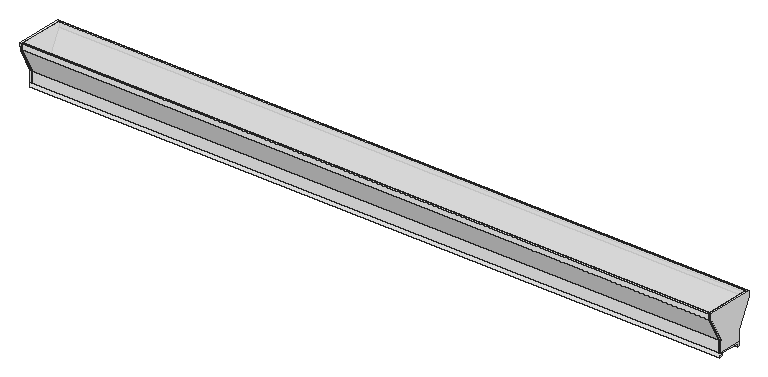
Revit family "Zumtobel TECTON MPO LED", category Lighting Fixtures, Revit 2014
Parameters (values of type "TECTON MPO LED5500-840 L1500")
  Width = 97 mm  # constant formula
  Wattage = 37.0266 W
  Voltage = 230 V  # constant formula
  URL = "http://www.zumtobel.com/42184102"
  built-in parameter 1150110 = 1 (stored number, unit not read)
  Emit from Rectangle Width = Length - 6 mm  # 1516 mm
  Emit from Rectangle Length = 98 mm  # constant formula
  Emit Shape Visible in Rendering = no
  Default Elevation = 0 mm
  Cover = Zumtobel_Lamp_Self_llumination_Opaque
  Body = Zumtobel_Metal_White
  Apparent Load = 41 VA
  Model = "42184102"
  built-in parameter 1114217 = 1 (stored number, unit not read)
  Tilt Angle = 90.00°
  built-in parameter 1150109 = 1 (stored number, unit not read)
  built-in parameter 1150134 = 12
  built-in parameter 1150113 = 1 (stored number, unit not read)
  Length = 1522 mm  # constant formula
  Lamp = "LED"
  Wattage Comments = "230"
  Manufacturer = "Zumtobel Ligthing"  # constant formula
  Photometric Web File = "42184102_(STD_LEO).IES"
  built-in parameter 1150105 = 437.68 (stored number, unit not read)
  Lumens = 5500 lm
  built-in parameter 1150115 = 1 (stored number, unit not read)
  built-in parameter 1150137 = (empty or 0)
  built-in parameter 1150139 = (empty or 0)
  built-in parameter 1150112 = 1 (stored number, unit not read)
  built-in parameter 1150114 = 1 (stored number, unit not read)
  built-in parameter 1150132 = 2
  Description = "Single luminaire"  # constant formula
  Assembly Code = ""
  built-in parameter 1150102 = (empty or 0)
  built-in parameter 1150107 = 4000 (stored number, unit not read)
  built-in parameter 1150138 = (empty or 0)
  built-in parameter 1150106 = 4.3768 (stored number, unit not read)
  built-in parameter 1150104 = 13.8 (stored number, unit not read)
  Dimming Lamp Color Temperature Shift = <None>
  Color Filter = 16777215
  built-in parameter 1114218 = 1 (stored number, unit not read)
  built-in parameter 1150133 = 10 (stored number, unit not read)
Reference planes
  plane 1 "Light Source Axis (F/B)": y = -218.644
  plane 2: z = 0
  plane 3 "Light Source Axis (L/R)": x = -74.924
  plane 4 "Light Source Elevation": z = -97.078
  plane 5 "Bottom": z = 0
  plane 6 "Left": x = -835.924
  plane 7 "Right": x = 686.076
  plane 8 "Lamp Left": x = -832.924
  plane 9 "Lamp Right": x = 683.076
  plane 10: z = 97.078
Forms (mm)
  Extrusion 1, solid, material "Zumtobel_Metal_White" <- "Body"
    sketch origin (-74.924, 0, 0) x (0, 1, 0) y (0, 0, 1)
      loop
        line (-193.644, 8.078) -> (-243.644, 8.078) -> (-245.769, 0) -> (-240.454, 0) -> (-240.454, 6.078) -> (-196.834, 6.078) -> (-196.834, 0) -> (-191.518, 0) -> (-193.644, 8.078)
    from -761 to 761
  Extrusion 2, solid, material "Zumtobel_Metal_White" <- "Body"
    sketch origin (-835.924, 0, 0) x (0, 0, -1) y (0, 1, 0)
      loop
        line (-8.078, -193.644) -> (-32.078, -193.644) -> (-84.578, -166.644) -> (-97.078, -166.644) -> (-97.078, -270.644) -> (-84.578, -270.644) -> (-32.078, -243.644) -> (-8.078, -243.644) -> (-8.078, -193.644)
    from 0 to 3
  Extrusion 3, solid, material "Zumtobel_Metal_White" <- "Body"
    sketch origin (-74.924, 0, 0) x (0, 1, 0) y (0, 0, 1)
      loop
        line (-193.644, 8.078) -> (-193.644, 32.078) -> (-166.644, 84.578) -> (-166.644, 97.078) -> (-169.644, 97.078) -> (-169.644, 85.304) -> (-196.644, 32.804) -> (-196.644, 11.078) -> (-240.644, 11.078) -> (-240.644, 32.804) -> (-267.644, 85.304) -> (-267.644, 97.078) -> (-270.644, 97.078) -> (-270.644, 84.578) -> (-243.644, 32.078) -> (-243.644, 8.078) -> (-193.644, 8.078)
    from -758 to 758
  Extrusion 4, solid, material "Zumtobel_Lamp_Self_llumination_Opaque" <- "Cover"
    sketch origin (-74.924, -3, 0) x (0, 1, 0) y (0, 0, 1)
      loop
        line (-166.644, 94.078) -> (-166.644, 97.078) -> (-264.644, 97.078) -> (-264.644, 94.078) -> (-166.644, 94.078)
    from -758 to 758
  Extrusion 5, solid, material "Zumtobel_Metal_White" <- "Body"
    sketch origin (686.076, 0, 0) x (0, 0, -1) y (0, 1, 0)
      loop
        line (-8.078, -193.644) -> (-32.078, -193.644) -> (-84.578, -166.644) -> (-97.078, -166.644) -> (-97.078, -270.644) -> (-84.578, -270.644) -> (-32.078, -243.644) -> (-8.078, -243.644) -> (-8.078, -193.644)
    from 0 to -3
Dimensions and locks
  equal spacing: plane 7 "Right", plane 3 "Light Source Axis (L/R)", plane 6 "Left"
  "Length": plane 7 "Right" to plane 6 "Left"
  locked: plane 7 "Right" to plane 9 "Lamp Right" at 3
  locked: plane 8 "Lamp Left" to plane 6 "Left" at 3
  locked: imposter light to plane 5 "Bottom" at 97.078
  aligned and locked: plane 5 "Bottom" to level
  aligned and locked: plane 10 to imposter light
  aligned and locked: plane 1 "Light Source Axis (F/B)" to imposter light
Automatic sketch dimensions
  Extrusion 1 sketch curve to level = 0 mm  (x2)
  Extrusion 1 sketch curve to Extrusion 1 sketch curve = 2.125 mm
  Extrusion 1 sketch curve to Extrusion 1 sketch curve = 5.315 mm  (x2)
  level to Extrusion 1 sketch curve = 6.078 mm
  Extrusion 1 sketch curve to Extrusion 1 sketch curve = 3.19 mm
  Extrusion 1 sketch curve to Extrusion 1 sketch curve = 2 mm
  level to Extrusion 2 sketch curve = 97.078 mm
  Extrusion 2 sketch curve to Extrusion 2 sketch curve = 12.5 mm  (x2)
  level to Extrusion 2 sketch curve = 32.078 mm  (x2)
  level to Extrusion 2 sketch curve = 8.078 mm
  Extrusion 3 sketch curve to Extrusion 3 sketch curve = 3 mm  (x5)
  level to Extrusion 3 sketch curve = 8.078 mm
  Extrusion 3 sketch curve to Extrusion 3 sketch curve = 21 mm  (x2)
  Extrusion 3 sketch curve to Extrusion 3 sketch curve = 0.726 mm  (x4)
  Extrusion 3 sketch curve to Extrusion 3 sketch curve = 52.5 mm  (x2)
  Extrusion 3 sketch curve to Extrusion 3 sketch curve = 11.774 mm  (x2)
  level to Extrusion 4 sketch curve = 94.078 mm
  Extrusion 4 sketch curve to Extrusion 4 sketch curve = 3 mm
  level to Extrusion 5 sketch curve = 97.078 mm
  Extrusion 5 sketch curve to Extrusion 5 sketch curve = 12.5 mm  (x2)
  level to Extrusion 5 sketch curve = 32.078 mm  (x2)
  level to Extrusion 5 sketch curve = 8.078 mm
  plane 1 "Light Source Axis (F/B)" to Extrusion 1 sketch curve = 21.81 mm
  plane 1 "Light Source Axis (F/B)" to Extrusion 2 sketch curve = 25 mm
  plane 1 "Light Source Axis (F/B)" to Extrusion 2 sketch curve = 52 mm
  plane 1 "Light Source Axis (F/B)" to Extrusion 3 sketch curve = 22 mm
  plane 1 "Light Source Axis (F/B)" to Extrusion 3 sketch curve = 49 mm
  plane 1 "Light Source Axis (F/B)" to Extrusion 4 sketch curve = 49 mm
  plane 1 "Light Source Axis (F/B)" to Extrusion 5 sketch curve = 25 mm
  plane 1 "Light Source Axis (F/B)" to Extrusion 5 sketch curve = 52 mm
  Extrusion 1 sketch curve to plane 1 "Light Source Axis (F/B)" = 21.81 mm
  Extrusion 2 sketch curve to plane 1 "Light Source Axis (F/B)" = 25 mm
  Extrusion 2 sketch curve to plane 1 "Light Source Axis (F/B)" = 52 mm
  Extrusion 3 sketch curve to plane 1 "Light Source Axis (F/B)" = 22 mm
  Extrusion 3 sketch curve to plane 1 "Light Source Axis (F/B)" = 49 mm
  Extrusion 4 sketch curve to plane 1 "Light Source Axis (F/B)" = 49 mm
  Extrusion 5 sketch curve to plane 1 "Light Source Axis (F/B)" = 25 mm
  Extrusion 5 sketch curve to plane 1 "Light Source Axis (F/B)" = 52 mm
Connectors
  electrical at (-74.924, -218.644, 6.078), driven by "Apparent Load", driven by "Voltage"
    settings: on Extrusion 1, index 1, voltage 230 V, apparent load 41 VA, apparent load phase1 0 VA, apparent load phase2 0 VA, apparent load phase3 0 VA, power factor 1, load classification "Lighting", number of poles 1, system type 30, power factor state 1, is connector primary yes, connector utility no, sub classification motor no, connector description ""
